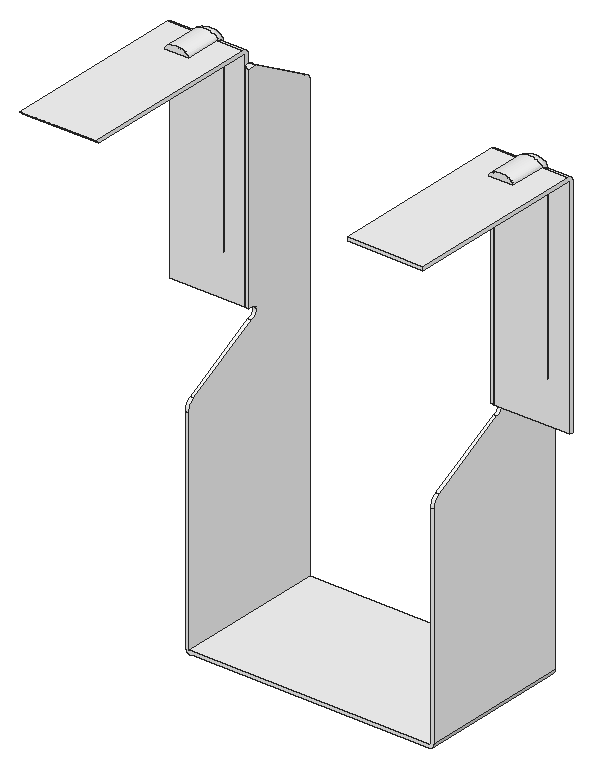
Revit family "SQクリップ4045用", category 機械設備, Revit 2020
Family settings
  丸型コネクタ寸法 = 直径を使用
  種別 = なし
  パーツ タイプ = 標準
  作業面ベース = いいえ
  常に垂直 = はい
  ロード時にボイドで切り取り = いいえ
  共有 = いいえ
  部屋計算ポイント = いいえ
Parameters
  製造元 = "株式会社桐井製作所"
  既定の高さ = 0 mm
  URL = "https://www.kirii.co.jp/"
  K_材質 = "溶融亜鉛めっき鋼板"
  K_品名 = "SQクリップ4045用"
  K_名称 = "SQ-BAR関連部材"
  K_入数 = "150"
  K_バージョン情報 = "20210524"
Reference planes
  plane 1 "中心(正面/背面)": y = 0
  plane 2: z = 0
  plane 3 "中心(左/右)": x = 0
Forms (mm)
  Extrusion 1, solid
    sketch origin (0, 0, 0) x (1, 0, 0) y (0, 0, 1)
      loop
        line (20.05, 81.313) -> (20.05, 0.6) -> (-20.05, 0.6) -> (-20.05, 81.316) -> (-20.65, 81.916) -> (-20.65, 1)
        arc (-20.65, 1) -> (-20.357, 0.293) -> (-19.65, 0) r 1
        line (-19.65, 0) -> (19.65, 0)
        arc (19.65, 0) -> (20.357, 0.293) -> (20.65, 1) r 1
        line (20.65, 1) -> (20.65, 81.913) -> (20.05, 81.313)
    from -12.6 to 12.4
  Extrusion 2, solid
    sketch origin (0, 0, -0.021) x (0, 1, 0) y (0, 0, 1)
      loop
        line (-0.4, 84.2) -> (-31.01, 84.2) -> (-30.41, 83.6) -> (0, 83.6) -> (0, 45.931) -> (0.6, 45.331) -> (0.6, 83.2)
        arc (0.6, 83.2) -> (0.307, 83.907) -> (-0.4, 84.2) r 1
    from 20.65 to 33.15
  Sweep 3, solid
    path origin (26.9, 0, 0) x (0, 1, 0) y (0, 0, 1)
      loop
        line (0.6, 50.945) -> (0.6, 83.2)
        arc (0.6, 83.2) -> (0.307, 83.907) -> (-0.4, 84.2) r 1
        line (-0.4, 84.2) -> (-6.381, 84.2)
    profile origin (26.9, -3.39, 84.2) x (0, 0, -1) y (1, 0, 0)
      loop
        line (0, -2) -> (0, 2)
        spline (0, 2) -> (-0.259, 1.932) -> (-0.501, 1.732) -> (-0.709, 1.414) -> (-0.868, 1) -> (-0.968, 0.518) -> (-1.002, 0) -> (-0.968, -0.518) -> (-0.868, -1) -> (-0.709, -1.414) -> (-0.501, -1.732) -> (-0.259, -1.932) -> (0, -2)
  Extrusion 4, void
    sketch origin (0, 0, 5) x (0, 1, 0) y (0, 0, 1)
      loop
        line (0.6, 40.912) -> (-0.2, 40.912) -> (-0.2, 40.112) -> (0.6, 40.112) -> (0.6, 40.912)
    from 20.05 to 33.15
  Extrusion 5, void
    sketch origin (0, 0, 4.796) x (0, 1, 0) y (0, 0, 1)
      loop
        line (-30.405, 78.6) -> (-30.405, 79.382) -> (-31.205, 79.382) -> (-31.205, 78.6) -> (-30.405, 78.6)
    from 20.65 to 33.15
  Extrusion 6, void
    sketch origin (0, 0, 5.619) x (0, 1, 0) y (0, 0, 1)
      loop
        line (-11.339, 31.945) -> (0.608, 38.298)
        arc (0.608, 38.298) -> (1.595, 39.209) -> (0.8, 40.291) r 1.008
        line (0.8, 40.291) -> (0, 40.291) -> (0, 76.928) -> (-12.4, 76.928) -> (-12.4, 30.179)
        arc (-12.4, 30.179) -> (-12.114, 31.209) -> (-11.339, 31.945) r 2
    from 20.05 to 21.265
  Extrusion 7, void
    sketch origin (0, 0, 0) x (1, 0, 0) y (0, 0, 1)
      loop
        line (24.9, 52.912) -> (24.9, 50.565) -> (28.9, 50.565) -> (28.9, 52.912)
        arc (28.9, 52.912) -> (26.9, 50.912) -> (24.9, 52.912) r 2
    from -1.6 to -0.6
  Extrusion 8, void
    sketch origin (0, 0, 0) x (0, 1, 0) y (0, 0, 1)
      loop
        arc (12.1, 75.289) -> (12.466, 74.923) -> (12.6, 74.423) r 1
        line (12.6, 74.423) -> (12.6, 81.919) -> (0.616, 81.919) -> (12.1, 75.289)
    from 20.05 to 20.65
  Extrusion 9, solid
    sketch origin (0, 0, -0.021) x (0, 1, 0) y (0, 0, -1)
      loop
        arc (-0.4, -84.2) -> (0.307, -83.907) -> (0.6, -83.2) r 1
        line (0.6, -83.2) -> (0.6, -45.331) -> (0, -45.931) -> (0, -83.6) -> (-30.41, -83.6) -> (-31.01, -84.2) -> (-0.4, -84.2)
    from 20.65 to 33.15
  Sweep 10, solid
    path origin (-26.9, 0, 0) x (0, 1, 0) y (0, 0, -1)
      loop
        line (0.6, -50.945) -> (0.6, -83.2)
        arc (0.6, -83.2) -> (0.307, -83.907) -> (-0.4, -84.2) r 1
        line (-0.4, -84.2) -> (-6.381, -84.2)
    profile origin (-26.9, -3.39, 84.2) x (0, 0, 1) y (-1, 0, 0)
      loop
        spline (0, -2) -> (0.259, -1.932) -> (0.501, -1.732) -> (0.709, -1.414) -> (0.868, -1) -> (0.968, -0.518) -> (1.002, 0) -> (0.968, 0.518) -> (0.868, 1) -> (0.709, 1.414) -> (0.501, 1.732) -> (0.259, 1.932) -> (0, 2)
        line (0, 2) -> (0, -2)
  Extrusion 11, void
    sketch origin (0, 0, 5) x (0, 1, 0) y (0, 0, -1)
      loop
        line (0.6, -40.912) -> (0.6, -40.112) -> (-0.2, -40.112) -> (-0.2, -40.912) -> (0.6, -40.912)
    from 20.65 to 33.15
  Extrusion 12, void
    sketch origin (0, 0, 0) x (-1, 0, 0) y (0, 0, -1)
      loop
        arc (24.9, -52.912) -> (26.9, -50.912) -> (28.9, -52.912) r 2
        line (28.9, -52.912) -> (28.9, -50.565) -> (24.9, -50.565) -> (24.9, -52.912)
    from -1.6 to -0.6
  Extrusion 13, void
    sketch origin (0, 0, 5.619) x (0, 1, 0) y (0, 0, -1)
      loop
        arc (-11.339, -31.945) -> (-12.114, -31.209) -> (-12.4, -30.179) r 2
        line (-12.4, -30.179) -> (-12.4, -76.928) -> (0, -76.928) -> (0, -40.291) -> (0.8, -40.291)
        arc (0.8, -40.291) -> (1.595, -39.209) -> (0.608, -38.298) r 1.008
        line (0.608, -38.298) -> (-11.339, -31.945)
    from 20.05 to 21.265
  Extrusion 14, void
    sketch origin (0, 0, 0) x (0, 1, 0) y (0, 0, -1)
      loop
        line (12.1, -75.289) -> (0.616, -81.919) -> (12.6, -81.919) -> (12.6, -74.423)
        arc (12.6, -74.423) -> (12.466, -74.923) -> (12.1, -75.289) r 1
    from 20.05 to 20.65
Cuts and joins
  Extrusion 4, Extrusion 5, Extrusion 6, Extrusion 7, Extrusion 11, Extrusion 12, Extrusion 13 cuts Extrusion 2
  Extrusion 6, Extrusion 8, Extrusion 11, Extrusion 13, Extrusion 14 cuts Extrusion 1
  Extrusion 7 cuts Sweep 3
  Extrusion 11 cuts Extrusion 9
  Extrusion 12 cuts Sweep 10
Dimensions and locks
  aligned and locked: level to plane 2
